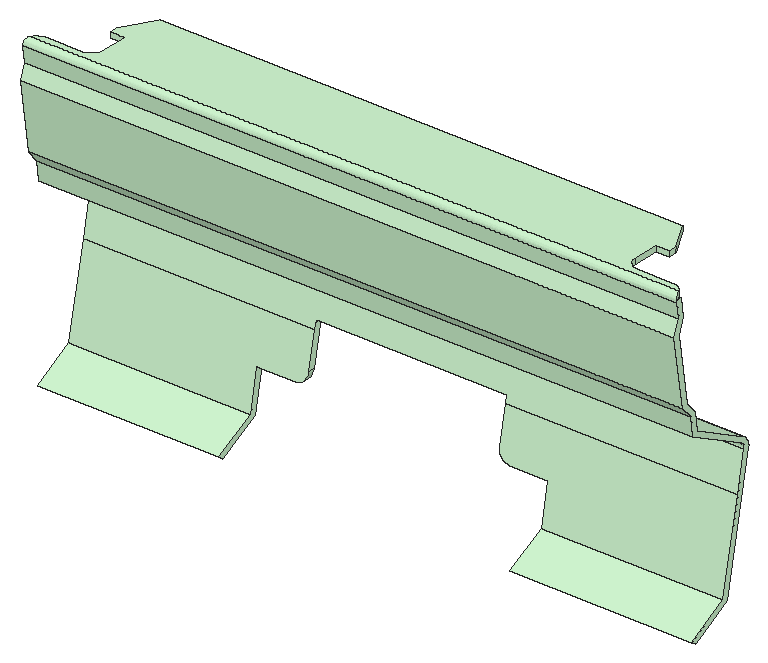
Revit family "WS-90スペーサー", category 機械設備, Revit 2020
Family settings
  丸型コネクタ寸法 = 直径を使用
  種別 = なし
  パーツ タイプ = 標準
  作業面ベース = いいえ
  常に垂直 = はい
  ロード時にボイドで切り取り = いいえ
  共有 = いいえ
  部屋計算ポイント = いいえ
Parameters
  製造元 = "株式会社桐井製作所"
  既定の高さ = 0 mm
  URL = "https://www.kirii.co.jp/"
  K_材質 = "SGCCまたはSGHC　一般用"
  K_品名 = "WS-90スペーサー"
  K_名称 = "スペーサー"
  K_単位質量(kg/個) = 0.036
  K_入数 = "500"
  K_バージョン情報 = "20210524"
  K_めっき付着量 = "Z12"
  K_JIS規格 = "JIS G 3302"
  K_JIS外 [instance] = not(K_JIS)  # no
  K_JIS [instance] = yes
Reference planes
  plane 1 "中心(正面/背面)": y = 0
  plane 2: z = 0
  plane 3 "中心(左/右)": x = 0
Forms (mm)
  Extrusion 1, solid
    sketch origin (0, 0, 0) x (0, 0.987688, 0.156434) y (0, -0.156434, 0.987688)
      loop
        line (0, 0) -> (-10.631, 1.684)
        arc (-10.631, 1.684) -> (-11.276, 1.502) -> (-11.556, 0.894) r 0.8
        line (-11.556, 0.894) -> (-11.556, -1.17) -> (-12.556, -2.902) -> (-12.556, -11.902) -> (-11.556, -13.634) -> (-11.556, -16.134) -> (-4.458, -21.483)
        arc (-4.458, -21.483) -> (-4.17, -21.901) -> (-4.193, -22.408) r 0.8
        line (-4.193, -22.408) -> (-5.984, -27.075) -> (-10.062, -37.698) -> (-15.555, -39.59) -> (-14.96, -40.126) -> (-12.168, -39.164) -> (-9.525, -38.253) -> (-3.539, -22.659)
        arc (-3.539, -22.659) -> (-3.498, -21.708) -> (-4.037, -20.923) r 1.5
        line (-4.037, -20.923) -> (-10.856, -15.785) -> (-10.856, -13.446) -> (-11.856, -11.714) -> (-11.856, -3.089) -> (-10.856, -1.357) -> (-10.856, 1.011) -> (0.274, -0.752) -> (0, 0)
    from -42.5 to 42.5
  Extrusion 2, void
    sketch origin (0, 0, 0) x (1, 0, 0) y (0, 1, 0)
      loop
        line (-43.8, 0.662) -> (-43.8, -11.947) -> (-42.5, -11.947)
        arc (-42.5, -11.947) -> (-41.914, -10.533) -> (-40.5, -9.947) r 2
        line (-40.5, -9.947) -> (-36.05, -9.947)
        arc (-36.05, -9.947) -> (-34.989, -9.508) -> (-34.55, -8.447) r 1.5
        line (-34.55, -8.447) -> (-34.55, -4.947) -> (-36.3, -4.947) -> (-36.3, -3.947) -> (-34, 0.053) -> (34, 0.053) -> (36.3, -3.947) -> (36.3, -4.947) -> (34.55, -4.947) -> (34.55, -8.447)
        arc (34.55, -8.447) -> (34.989, -9.508) -> (36.05, -9.947) r 1.5
        line (36.05, -9.947) -> (40.5, -9.947)
        arc (40.5, -9.947) -> (41.914, -10.533) -> (42.5, -11.947) r 2
        line (42.5, -11.947) -> (44.072, -11.947) -> (44.072, 0.662) -> (-43.8, 0.662)
    from -0.7 to 0
  Extrusion 3, void
    sketch origin (0, 0, 0) x (1, 0, 0) y (0, 0, 1)
      loop
        line (-18.9, -48.094) -> (18.9, -48.094) -> (18.9, -33.699) -> (13.9, -33.699)
        arc (13.9, -33.699) -> (12.839, -33.26) -> (12.4, -32.199) r 1.5
        line (12.4, -32.199) -> (12.4, -26.699) -> (-12.4, -26.699) -> (-12.4, -32.199)
        arc (-12.4, -32.199) -> (-12.839, -33.26) -> (-13.9, -33.699) r 1.5
        line (-13.9, -33.699) -> (-18.9, -33.699) -> (-18.9, -48.094)
    from -2.451 to 9.982
Cuts and joins
  Extrusion 2, Extrusion 3 cuts Extrusion 1
Dimensions and locks
  aligned and locked: level to plane 2
